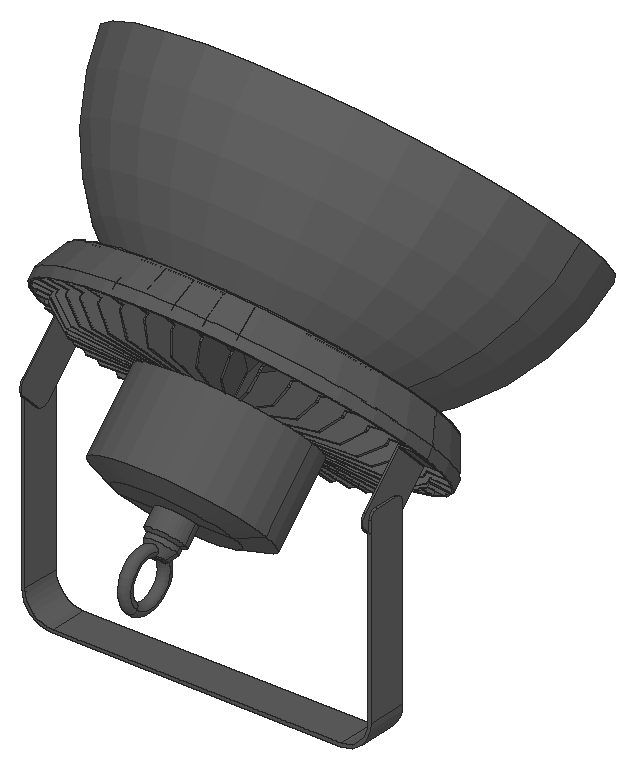
Revit family "0039352+0039355+0039360 Feilo Sylvania Lighting Fixture START HIGHBAY 6K 26KLM WIDE with BRACKET and ALU SHADE BLACK COLOR", category Lighting Fixtures, host Face, Revit 2017
Family settings
  Host = Face
  Round Connector Dimension = Use Diameter
  Part Type = Normal
  OmniClass Number = 23.80.70.00
  OmniClass Title = Lighting
  Cut with Voids When Loaded = No
  Light Source = No
  Shared = No
  Room Calculation Point = No
Parameters (values of type "0039352+0039355+0039360 START HIGHBAY 6K 26KLM WIDE with BRACKET and ALU SHADE BLACK COLOR")
  Weight = "3.7 kg"
  Wattage Comments = ""
  WarrantyStartDate [instance] = "n/a"
  WarrantyGuarantorParts = "n/a"
  WarrantyDurationUnit = "n/a"
  WarrantyDurationParts = "n/a"
  WarrantyDescription = "n/a"
  Voltage = 230 V
  URL = "http://www.sylvania-lighting.com"
  TypeName = "START HIGHBAY 6K 26KLM WIDE with BRACKET and ALU SHADE BLACK COLOR"
  TypeHead_FEILO = Start LED Highbay Head : 0039352+0039355+0039360 START HIGHBAY 6K 26KLM WIDE with BRACKET and ALU SHADE BLACK COLOR
  Type Image = <None>
  Type Comments = "n/a"
  TiltAngle_FEILO [instance] = 45.00°
  ThicknessBracketPlate_FEILO = 3 mm
  SizeBracketS_FEILO = no
  SizeBracketM_FEILO = no
  SerialNumber [instance] = "n/a"
  RadiusBracketTop_FEILO = 7 mm
  RadiusBendOut_FEILO = if(SizeBracketS_FEILO, 18 mm, if(SizeBracketM_FEILO, 24 mm, 28 mm))  # 28 mm
  RadiusBendIn_FEILO = RadiusBendOut_FEILO - ThicknessBracketPlate_FEILO  # 25 mm
  Material_3_FEILO = none
  PowerFactor = 0.95
  PowerConsumption = "200 W"
  NominalLength = 339 mm
  NominalHeight = 194 mm
  NominalDepth = 339 mm
  Name = "START HIGHBAY 6K 26KLM WIDE with BRACKET and ALU SHADE BLACK COLOR"
  ModelReference = Name  # "START HIGHBAY 6K 26KLM WIDE with BRACKET and ALU SHADE BLACK COLOR"
  ModelNumber = "0039352+0039355+0039360"
  Model = Name  # "START HIGHBAY 6K 26KLM WIDE with BRACKET and ALU SHADE BLACK COLOR"
  Material = "aluminium alloy housing, polycarbonate diffuser"
  ManufacturerName = "Feilo Sylvania"
  Manufacturer = "Feilo Sylvania"
  LuminousEfficacy = "130 lm/W"
  LuminaireType = ""
  LightOutputRatio = "n/a"
  LampsType = Lamp  # "LED"
  LampNominalLuminous = "26000 lm"
  LampMacAdamStep = "n/a"
  LampColourTemperature = "6500 K"
  LampColourRenderingIndex = "80"
  Lamp = "LED"
  Keynote = "16500"
  InstallationDate [instance] = "n/a"
  InputVoltage = "220-240V~"
  InputNominalFrequency = "50/60 Hz"
  IngressProtection = "IP65"
  ImpactProtectionIndex = "IK08"
  IfcExportType = "IfcLightFixtureType"
  IfcExportAs = "IfcLightFixtureType"
  ExpectedLife = 50000
  EndAngle_FEILO [instance] = TiltAngle_FEILO + 180.00°  # 225.00°
  ElectricShockClassification = "Class I"
  DurationUnit = "hours"
  DocumentationLiterature = "http://www.sylvania-lighting.com/product/en-int/products/0039352"
  DimmingControlOptions = "n/a"
  Material_2_FEILO = none
  Description = "START HIGHBAY, includes 1 m cables, black aluminium housing, 26000LM, 200W, 130lm/W, 6500K, Driver current: 5000mA, CR80, 60° beam angle, 1-10V dimmable,  IP65, IK08, 50,000 hrs (L70B50), (LxWxH) 339x339x194mm"
  Default Elevation = 1219.2 mm
  CreatedOn = "2/28/2018"
  CreatedBy = ""
  Cost = 0
  built-in parameter 1114216 [instance] = (empty or 0)
  ClassificationValue = "EF_70_80"
  ClassificationName = "Uniclass2015"
  Material_1_FEILO = Body-Sylvania-StartHighbay-Black
  BracketHeight_FEILO = if(SizeBracketS_FEILO, 199.5 mm, if(SizeBracketM_FEILO, 209.6 mm, 201.3 mm))  # 201.3 mm
  BracketDistanceInner_FEILO = if(SizeBracketS_FEILO, 249.4 mm, if(SizeBracketM_FEILO, 273.6 mm, 313.2 mm))  # 313.2 mm
  BarCode [instance] = "n/a"
  AssetType = "Fixed"
  AssetIdentifier [instance] = "n/a"
  Assembly Code = "D5020200"
  Apparent Load = 200 VA
  Material_4_FEILO = none
Reference planes
  plane 1 "Center (Front/Back)": y = 0
  plane 2: z = 0
  plane 3 "Center (Left/Right)": x = 0
  plane 4: x = -159.6
  plane 5: x = 159.6
  plane 6: z = 201.3
  plane 7: x = -156.6
  plane 8: z = 3
  plane 9: x = 156.6
  plane 10: y = 17.5
  plane 11: y = -17.5
  plane 12: y = -19.5
  plane 13: z = 203.3
  plane 14: y = 19.5
  plane 15: z = 192.3
Forms (mm)
  Extrusion 1, solid, material "Body-Sylvania-StartHighbay-Black" <- "Material_1_FEILO"
    sketch origin (0, 0, 0) x (1, 0, 0) y (0, 0, 1)
      loop
        line (-159.6, 201.3) -> (-159.6, 28)
        arc (-159.6, 28) -> (-151.399, 8.201) -> (-131.6, 0) r 28
        line (-131.6, 0) -> (131.6, 0)
        arc (131.6, 0) -> (151.399, 8.201) -> (159.6, 28) r 28
        line (159.6, 28) -> (159.6, 201.3) -> (156.6, 201.3) -> (156.6, 28)
        arc (156.6, 28) -> (149.278, 10.322) -> (131.6, 3) r 25
        line (131.6, 3) -> (-131.6, 3)
        arc (-131.6, 3) -> (-149.278, 10.322) -> (-156.6, 28) r 25
        line (-156.6, 28) -> (-156.6, 201.3) -> (-159.6, 201.3)
    from -17.5 to 17.5
  Extrusion 2, void
    sketch origin (0, 0, 0) x (0, 1, 0) y (0, 0, 1)
      loop
        arc (10.5, 201.3) -> (15.45, 199.25) -> (17.5, 194.3) r 7
        line (17.5, 194.3) -> (19.5, 194.3) -> (19.5, 203.3) -> (-19.5, 203.3) -> (-19.5, 194.3) -> (-17.5, 194.3)
        arc (-17.5, 194.3) -> (-15.45, 199.25) -> (-10.5, 201.3) r 7
        line (-10.5, 201.3) -> (10.5, 201.3)
    from -159.6 to 159.6
  Revolve 3, solid, not visible
    sketch origin (1223.4, -4572, 192.3) x (0, -1, 0) y (1, 0, 0)
      loop
        line (-4572, -1223.4) -> (-4591.5, -1223.4) -> (-4591.5, -1277.783) -> (-4572, -1277.783) -> (-4572, -1223.4)
      axis (-4572, -1223.4) -> (-4572, -1277.783)
    angle from 45 <- "TiltAngle_FEILO" to 225 <- "EndAngle_FEILO"
Cuts and joins
  Extrusion 2 cuts Extrusion 1
Dimensions and locks
  "BracketHeight_FEILO": plane 6 to plane 2
  equal spacing: plane 11, plane 1 "Center (Front/Back)", plane 10
  locked: plane 11 to plane 10 at 35
  equal spacing: plane 9, plane 3 "Center (Left/Right)", plane 7
  "BracketDistanceInner_FEILO": plane 9 to plane 7
  "ThicknessBracketPlate_FEILO": plane 7 to plane 4
  "ThicknessBracketPlate_FEILO": plane 8 to plane 2
  equal spacing: plane 5, plane 3 "Center (Left/Right)", plane 4
  equal spacing: plane 12, plane 1 "Center (Front/Back)", plane 14
  locked: plane 6 to plane 13 at 2
  locked: plane 12 to plane 11 at 2
  locked: plane 6 to plane 15 at 9
  "RadiusBendOut_FEILO": radius of Extrusion 1 sketch curve  (x2)
  "RadiusBendIn_FEILO": radius of Extrusion 1 sketch curve  (x2)
  "RadiusBracketTop_FEILO": radius of Extrusion 2 sketch curve  (x2)
  aligned and locked: plane 2 to host face
  aligned and locked: level to host face
  aligned and locked: Extrusion 1 sketch curve to plane 4
  aligned and locked: Extrusion 1 sketch curve to level
  aligned and locked: plane 6 to Extrusion 1 sketch curve
  aligned and locked: Extrusion 1 sketch curve to plane 6
  aligned and locked: Extrusion 1 sketch curve to plane 7
  aligned and locked: plane 9 to Extrusion 1 sketch curve
  aligned and locked: plane 8 to Extrusion 1 sketch curve
  aligned and locked: Extrusion 1 to plane 10
  aligned and locked: plane 11 to Extrusion 1
  aligned and locked: Extrusion 1 to Extrusion 2 sketch curve
  aligned and locked: plane 14 to Extrusion 2 sketch curve  (x2)
  aligned and locked: Extrusion 2 sketch curve to plane 12
  aligned and locked: plane 13 to Extrusion 2 sketch curve
  aligned and locked: plane 5 to Extrusion 2
  aligned and locked: Extrusion 2 to plane 4
  aligned and locked: Revolve 3 sketch curve to plane 1 "Center (Front/Back)"
  aligned and locked: Revolve 3 sketch curve to Revolve 3 sketch curve
  aligned and locked: plane 3 "Center (Left/Right)" to Revolve 3 sketch curve
  aligned and locked: Revolve 3 sketch curve to plane 14
  aligned and locked: nested 1 to plane 3 "Center (Left/Right)"
Automatic sketch dimensions
  host sketch curve to host sketch curve = 2438.4 mm  (x2)
  Revolve 3 sketch curve to Revolve 3 sketch curve = 54.383 mm
  Revolve 3 sketch curve to plane 4 = 1396.3 mm
  plane 5 to Revolve 3 sketch curve = 1396.3 mm
  Extrusion 1 sketch curve to Extrusion 1 sketch curve = 0 mm
  Extrusion 2 sketch curve to plane 11 = 0 mm
  Extrusion 2 sketch curve to plane 10 = 0 mm
Nested families
  nested 1: "Start LED Highbay Head" at (0, 0, 192.3) x (-1, 0, 0) z (0, 0.7071, 0.7071), type <- "TypeHead_FEILO", type "0039352+0039355+0039360 START HIGHBAY 6K 26KLM WIDE with BRACKET and ALU SHADE BLACK COLOR"
    with built-in parameter 1114216 (empty or 0)
Connectors
  electrical at (0, 0, 0), driven by "Apparent Load", driven by "PowerFactor", driven by "Voltage"
    settings: index 1, voltage 230 V, apparent load 200 VA, apparent load phase1 0 VA, apparent load phase2 0 VA, apparent load phase3 0 VA, power factor 0.95, load classification "Lighting", number of poles 1, system type 30, power factor state 1, is connector primary yes, connector utility no, sub classification motor no, connector description ""
Definition of nested family "Start LED Highbay Head"
  Parameters (values of type "0039351+0039354+0039358 START HIGHBAY 6K 19KLM WIDE with BRACKET and PC LAMPSHADE TRANSPARENT ")
    X_FEILO = if(SizeS_FEILO, 60.3 mm, if(SizeM_FEILO, 70.4 mm, 83.5 mm))  # 70.4 mm
    WidthStraight_FEILO = if(SizeS_FEILO, 3 mm, if(SizeM_FEILO, 4 mm, 4.7 mm))  # 4 mm
    WidthRingChamfer_FEILO = if(SizeS_FEILO, 10.3 mm, if(SizeM_FEILO, 11.2 mm, 12.9 mm))  # 11.2 mm
    WidthCurved_FEILO = if(SizeS_FEILO, 17.4 mm, if(SizeM_FEILO, 16.4 mm, 26.2 mm))  # 16.4 mm
    WidthCurvedRing_FEILO = if(SizeS_FEILO, 3 mm, if(SizeM_FEILO, 4 mm, 4.7 mm))  # 4 mm
    WidthBracket_FEILO = 40 mm
    Wattage Comments = ""
    Wattage = 150 W
    built-in parameter 1150110 = 1 (stored number, unit not read)
    URL = "http://www.feilosylvania.com"
    Type Image = (empty or 0)
    Type Comments = "n/a"
    built-in parameter 1114217 = 1 (stored number, unit not read)
    Tilt Angle = -90.00°
    ThicknessWall_FEILO = 1.5 mm
    ThicknessBracket_FEILO = 1.5 mm
    ThicknessBracketHalf_FEILO = ThicknessBracket_FEILO / 2  # 0.75 mm
    built-in parameter 1150109 = 1 (stored number, unit not read)
    built-in parameter 1150134 = 1
    built-in parameter 1150113 = 1 (stored number, unit not read)
    SizeS_FEILO = no
    SizeM_FEILO = yes
    ShadeThickness_FEILO = 3 mm
    ShadeSizeSM_FEILO = or(SizeS_FEILO, SizeM_FEILO)  # yes
    ShadeRadiusOut_FEILO = 205 mm
    ShadeRadiusIn_FEILO = if(ShadeSizeSM_FEILO, 95 mm, 121 mm)  # 95 mm
    ShadeRadiusBend_FEILO = if(ShadeSizeSM_FEILO, 210 mm, 210 mm)  # 210 mm
    ShadeOn_FEILO = yes
    ShadeHeight_FEILO = if(ShadeSizeSM_FEILO, 120 mm, 151 mm)  # 120 mm
    Rib4_FEILO = if(SizeS_FEILO, 18.1 mm, if(SizeM_FEILO, 13.6 mm, 14.6 mm))  # 13.6 mm
    Rib3_FEILO = if(SizeS_FEILO, 15.3 mm, if(SizeM_FEILO, 17.6 mm, 20.2 mm))  # 17.6 mm
    Rib2_FEILO = if(SizeS_FEILO, 3.6 mm, if(SizeM_FEILO, 3.9 mm, 4.5 mm))  # 3.9 mm
    Rib1_FEILO = if(SizeS_FEILO, 15.1 mm, if(SizeM_FEILO, 16.5 mm, 19 mm))  # 16.5 mm
    RadiusDiffuser_FEILO = if(SizeS_FEILO, 95.2 mm, if(SizeM_FEILO, 105.3 mm, 120 mm))  # 105.3 mm
    RadiusArrayPost_FEILO = DriverRadius_FEILO - 6 mm  # 61.2 mm
    RHRadius3_FEILO = if(SizeS_FEILO, 6.6 mm, if(SizeM_FEILO, 7.4 mm, 8.6 mm))  # 7.4 mm
    RHRadius2_FEILO = if(SizeS_FEILO, 11 mm, if(SizeM_FEILO, 12 mm, 14 mm))  # 12 mm
    RHRadius1_FEILO = if(SizeS_FEILO, 13.6 mm, if(SizeM_FEILO, 14.9 mm, 17.7 mm))  # 14.9 mm
    RHHeight4_FEILO = if(SizeS_FEILO, 7.3 mm, if(SizeM_FEILO, 8 mm, 9.2 mm))  # 8 mm
    RHHeight3_FEILO = if(SizeS_FEILO, 3.6 mm, if(SizeM_FEILO, 3.7 mm, 4.6 mm))  # 3.7 mm
    RHHeight2_FEILO = if(SizeS_FEILO, 2 mm, if(SizeM_FEILO, 2.2 mm, 2.6 mm))  # 2.2 mm
    RHHeight1_FEILO = if(SizeS_FEILO, 11.8 mm, if(SizeM_FEILO, 15.3 mm, 17.4 mm))  # 15.3 mm
    Photometric Web File = "0039351+0039358.ies"
    Material_5_FEILO = none
    Material_3_FEILO = none
    Model = "START HIGHBAY 6K 19KLM WIDE with BRACKET and PC LAMPSHADE TRANSPARENT"
    Manufacturer = "Feilo Sylvania"
    built-in parameter 1150105 = 10854.2 (stored number, unit not read)
    Lumens = 19500 lm
    built-in parameter 1150115 = 1 (stored number, unit not read)
    built-in parameter 1150137 = (empty or 0)
    built-in parameter 1150139 = (empty or 0)
    built-in parameter 1150112 = 1 (stored number, unit not read)
    built-in parameter 1150114 = 1 (stored number, unit not read)
    Lamp = "LED"
    Keynote = "16500"
    built-in parameter 1150132 = (empty or 0)
    built-in parameter 1150102 = (empty or 0)
    built-in parameter 1150107 = 6500 (stored number, unit not read)
    built-in parameter 1150138 = (empty or 0)
    built-in parameter 1150106 = 108.54 (stored number, unit not read)
    HeightRing_FEILO = if(SizeS_FEILO, 19.8 mm, if(SizeM_FEILO, 32 mm, 36.8 mm))  # 32 mm
    HeightRingChamfer_FEILO = if(SizeS_FEILO, 11.7 mm, if(SizeM_FEILO, 23.2 mm, 26.6 mm))  # 23.2 mm
    EyeThickness_FEILO = if(SizeS_FEILO, 8.4 mm, if(SizeM_FEILO, 9.2 mm, 10.5 mm))  # 9.2 mm
    EyeThicknessHalf_FEILO = EyeThickness_FEILO / 2  # 4.6 mm
    EyeInner_FEILO = if(SizeS_FEILO, 13.8 mm, if(SizeM_FEILO, 15.1 mm, 17.3 mm))  # 15.1 mm
    Emit from Circle Diameter = RadiusDiffuser_FEILO * 2  # 210.6 mm
    Emit Shape Visible in Rendering = no
    built-in parameter 1150104 = 12.077 (stored number, unit not read)
    DriverVerticalStraight_FEILO = if(SizeS_FEILO, 46.5 mm, if(SizeM_FEILO, 49.7 mm, 57 mm))  # 49.7 mm
    DriverVerticalChamfer_FEILO = if(SizeS_FEILO, 7.5 mm, if(SizeM_FEILO, 8.2 mm, 9.5 mm))  # 8.2 mm
    DriverRadius_FEILO = if(SizeS_FEILO, 61.4 mm, if(SizeM_FEILO, 67.2 mm, 76.4 mm))  # 67.2 mm
    DriverRadiusTop_FEILO = if(SizeS_FEILO, 42 mm, if(SizeM_FEILO, 45.3 mm, 52.4 mm))  # 45.3 mm
    DriverBottom_FEILO = if(SizeS_FEILO, 56 mm, if(SizeM_FEILO, 64.5 mm, 74 mm))  # 64.5 mm
    Material_2_FEILO = none
    Radius_FEILO = if(SizeS_FEILO, 135 mm, if(SizeM_FEILO, 148 mm, 169.5 mm))  # 148 mm
    Dimming Lamp Color Temperature Shift = (empty or 0)
    DiameterWire_FEILO = 3 mm
    DiameterWireSupport_FEILO = 10 mm
    Description = "START HIGHBAY, includes 1 m cables, black aluminium housing, 19500LM, 150W, 130lm/W, 6500K, Driver current: 2140mA, CR80, 60° beam angle, 1-10V dimmable,  IP65, IK08, 50,000 hrs (L70B50), (LxWxH) 296x296x177mm"
    Default Elevation = 1219.2 mm
    Cost = 0
    Color Filter = 16777215
    built-in parameter 1114216 [instance] = (empty or 0)
    Material_1_FEILO = none
    built-in parameter 1114218 = 1 (stored number, unit not read)
    built-in parameter 1150133 = 10 (stored number, unit not read)
    Assembly Code = "D5020200"
    Apparent Load = 150 VA
    Material_4_FEILO = none
  Types (36, lengths in mm): name | X_FEILO | WidthStraight_FEILO | WidthRingChamfer_FEILO | WidthCurved_FEILO | WidthCurvedRing_FEILO | Wattage | built-in parameter 1150134 | SizeS_FEILO | SizeM_FEILO | ShadeSizeSM_FEILO | ShadeRadiusIn_FEILO | ShadeOn_FEILO | ShadeHeight_FEILO | Rib4_FEILO | Rib3_FEILO | Rib2_FEILO | Rib1_FEILO | RadiusDiffuser_FEILO | RadiusArrayPost_FEILO | RHRadius3_FEILO | RHRadius2_FEILO | RHRadius1_FEILO | RHHeight4_FEILO | RHHeight3_FEILO | RHHeight2_FEILO | RHHeight1_FEILO | Photometric Web File | Model | built-in parameter 1150105 | Lumens | built-in parameter 1150107 | built-in parameter 1150106 | HeightRing_FEILO | HeightRingChamfer_FEILO | EyeThickness_FEILO | EyeThicknessHalf_FEILO | EyeInner_FEILO | Emit from Circle Diameter | DriverVerticalStraight_FEILO | DriverVerticalChamfer_FEILO | DriverRadius_FEILO | DriverRadiusTop_FEILO | DriverBottom_FEILO | Radius_FEILO | Description | Apparent Load
    0039352+0039355+0039361 START HIGHBAY 6K 26KLM WIDE with BRACKET and PC LAMPSHADE TRANSPARENT | 83.5 | 4.7 | 12.9 | 26.2 | 4.7 | 200 W | 1 | no | no | no | 121 | yes | 151 | 14.6 | 20.2 | 4.5 | 19 | 120 | 70.4 | 8.6 | 14 | 17.7 | 9.2 | 4.6 | 2.6 | 17.4 | "0039352+0039361.ies" | "START HIGHBAY 6K 26KLM WIDE with BRACKET and PC LAMPSHADE TRANSPARENT" | 17911 (stored number, unit not read) | 26000 lm | 6500 (stored number, unit not read) | 179.11 (stored number, unit not read) | 36.8 | 26.6 | 10.5 | 5.25 | 17.3 | 240 | 57 | 9.5 | 76.4 | 52.4 | 74 | 169.5 | "START HIGHBAY, includes 1 m cables, black aluminium housing, 26000LM, 200W, 130lm/W, 6500K, Driver current: 5000mA, CR80, 60° beam angle, 1-10V dimmable,  IP65, IK08, 50,000 hrs (L70B50), (LxWxH) 339x339x194mm" | 200 VA
    0039352+0039355+0039360 START HIGHBAY 6K 26KLM WIDE with BRACKET and ALU SHADE BLACK COLOR | 83.5 | 4.7 | 12.9 | 26.2 | 4.7 | 200 W | 1 | no | no | no | 121 | yes | 151 | 14.6 | 20.2 | 4.5 | 19 | 120 | 70.4 | 8.6 | 14 | 17.7 | 9.2 | 4.6 | 2.6 | 17.4 | "0039352+0039360.ies" | "START HIGHBAY 6K 26KLM WIDE with BRACKET and ALU SHADE BLACK COLOR" | 14870 (stored number, unit not read) | 26000 lm | 6500 (stored number, unit not read) | 148.7 (stored number, unit not read) | 36.8 | 26.6 | 10.5 | 5.25 | 17.3 | 240 | 57 | 9.5 | 76.4 | 52.4 | 74 | 169.5 | "START HIGHBAY, includes 1 m cables, black aluminium housing, 26000LM, 200W, 130lm/W, 6500K, Driver current: 5000mA, CR80, 60° beam angle, 1-10V dimmable,  IP65, IK08, 50,000 hrs (L70B50), (LxWxH) 339x339x194mm" | 200 VA
    0039352+0039355+0039359 START HIGHBAY 6K 26KLM WIDE with BRACKET and ALU SHADE ALU COLOR | 83.5 | 4.7 | 12.9 | 26.2 | 4.7 | 200 W | 1 | no | no | no | 121 | yes | 151 | 14.6 | 20.2 | 4.5 | 19 | 120 | 70.4 | 8.6 | 14 | 17.7 | 9.2 | 4.6 | 2.6 | 17.4 | "0039352+0039359.ies" | "START HIGHBAY 6K 26KLM WIDE with BRACKET and ALU SHADE ALU COLOR" | 14870 (stored number, unit not read) | 26000 lm | 6500 (stored number, unit not read) | 148.7 (stored number, unit not read) | 36.8 | 26.6 | 10.5 | 5.25 | 17.3 | 240 | 57 | 9.5 | 76.4 | 52.4 | 74 | 169.5 | "START HIGHBAY, includes 1 m cables, black aluminium housing, 26000LM, 200W, 130lm/W, 6500K, Driver current: 5000mA, CR80, 60° beam angle, 1-10V dimmable,  IP65, IK08, 50,000 hrs (L70B50), (LxWxH) 339x339x194mm" | 200 VA
    0039352+0039355 START HIGHBAY 6K 26KLM WIDE with BRACKET | 83.5 | 4.7 | 12.9 | 26.2 | 4.7 | 200 W | 1 | no | no | no | 121 | no | 151 | 14.6 | 20.2 | 4.5 | 19 | 120 | 70.4 | 8.6 | 14 | 17.7 | 9.2 | 4.6 | 2.6 | 17.4 | "0039352.ies" | "START HIGHBAY 6K 26KLM WIDE with BRACKET" | 13836.2 (stored number, unit not read) | 26000 lm | 6500 (stored number, unit not read) | 138.36 (stored number, unit not read) | 36.8 | 26.6 | 10.5 | 5.25 | 17.3 | 240 | 57 | 9.5 | 76.4 | 52.4 | 74 | 169.5 | "START HIGHBAY, includes 1 m cables, black aluminium housing, 26000LM, 200W, 130lm/W, 6500K, Driver current: 5000mA, CR80, 60° beam angle, 1-10V dimmable,  IP65, IK08, 50,000 hrs (L70B50), (LxWxH) 339x339x194mm" | 200 VA
    0039351+0039354+0039358 START HIGHBAY 6K 19KLM WIDE with BRACKET and PC LAMPSHADE TRANSPARENT | 70.4 | 4 | 11.2 | 16.4 | 4 | 150 W | 1 | no | yes | yes | 95 | yes | 120 | 13.6 | 17.6 | 3.9 | 16.5 | 105.3 | 61.2 | 7.4 | 12 | 14.9 | 8 | 3.7 | 2.2 | 15.3 | "0039351+0039358.ies" | "START HIGHBAY 6K 19KLM WIDE with BRACKET and PC LAMPSHADE TRANSPARENT" | 10854.2 (stored number, unit not read) | 19500 lm | 6500 (stored number, unit not read) | 108.54 (stored number, unit not read) | 32 | 23.2 | 9.2 | 4.6 | 15.1 | 210.6 | 49.7 | 8.2 | 67.2 | 45.3 | 64.5 | 148 | "START HIGHBAY, includes 1 m cables, black aluminium housing, 19500LM, 150W, 130lm/W, 6500K, Driver current: 2140mA, CR80, 60° beam angle, 1-10V dimmable,  IP65, IK08, 50,000 hrs (L70B50), (LxWxH) 296x296x177mm" | 150 VA
    0039351+0039354+0039357 START HIGHBAY 6K 19KLM WIDE with BRACKET and ALU SHADE BLACK COLOR | 70.4 | 4 | 11.2 | 16.4 | 4 | 150 W | 1 | no | yes | yes | 95 | yes | 120 | 13.6 | 17.6 | 3.9 | 16.5 | 105.3 | 61.2 | 7.4 | 12 | 14.9 | 8 | 3.7 | 2.2 | 15.3 | "0039351+0039357.ies" | "START HIGHBAY 6K 19KLM WIDE with BRACKET and ALU SHADE BLACK COLOR" | 11152.5 (stored number, unit not read) | 19500 lm | 6500 (stored number, unit not read) | 111.52 (stored number, unit not read) | 32 | 23.2 | 9.2 | 4.6 | 15.1 | 210.6 | 49.7 | 8.2 | 67.2 | 45.3 | 64.5 | 148 | "START HIGHBAY, includes 1 m cables, black aluminium housing, 19500LM, 150W, 130lm/W, 6500K, Driver current: 2140mA, CR80, 60° beam angle, 1-10V dimmable,  IP65, IK08, 50,000 hrs (L70B50), (LxWxH) 296x296x177mm" | 150 VA
    0039351+0039354+0039356 START HIGHBAY 6K 19KLM WIDE with BRACKET and ALU SHADE ALU COLOR | 70.4 | 4 | 11.2 | 16.4 | 4 | 150 W | 1 | no | yes | yes | 95 | yes | 120 | 13.6 | 17.6 | 3.9 | 16.5 | 105.3 | 61.2 | 7.4 | 12 | 14.9 | 8 | 3.7 | 2.2 | 15.3 | "0039351+0039356.ies" | "START HIGHBAY 6K 19KLM WIDE with BRACKET and ALU SHADE ALU COLOR" | 11152.5 (stored number, unit not read) | 19500 lm | 6500 (stored number, unit not read) | 111.52 (stored number, unit not read) | 32 | 23.2 | 9.2 | 4.6 | 15.1 | 210.6 | 49.7 | 8.2 | 67.2 | 45.3 | 64.5 | 148 | "START HIGHBAY, includes 1 m cables, black aluminium housing, 19500LM, 150W, 130lm/W, 6500K, Driver current: 2140mA, CR80, 60° beam angle, 1-10V dimmable,  IP65, IK08, 50,000 hrs (L70B50), (LxWxH) 296x296x177mm" | 150 VA
    0039351+0039354 START HIGHBAY 6K 19KLM WIDE with BRACKET | 70.4 | 4 | 11.2 | 16.4 | 4 | 150 W | 1 | no | yes | yes | 95 | no | 120 | 13.6 | 17.6 | 3.9 | 16.5 | 105.3 | 61.2 | 7.4 | 12 | 14.9 | 8 | 3.7 | 2.2 | 15.3 | "0039351.ies" | "START HIGHBAY 6K 19KLM WIDE with BRACKET" | 10377.1 (stored number, unit not read) | 19500 lm | 6500 (stored number, unit not read) | 103.77 (stored number, unit not read) | 32 | 23.2 | 9.2 | 4.6 | 15.1 | 210.6 | 49.7 | 8.2 | 67.2 | 45.3 | 64.5 | 148 | "START HIGHBAY, includes 1 m cables, black aluminium housing, 19500LM, 150W, 130lm/W, 6500K, Driver current: 2140mA, CR80, 60° beam angle, 1-10V dimmable,  IP65, IK08, 50,000 hrs (L70B50), (LxWxH) 296x296x177mm" | 150 VA
    0039350+0039353+0039358 START HIGHBAY 6K 13KLM WIDE with BRACKET and PC LAMPSHADE TRANSPARENT | 60.3 | 3 | 10.3 | 17.4 | 3 | 100 W | 1 | yes | no | yes | 95 | yes | 120 | 18.1 | 15.3 | 3.6 | 15.1 | 95.2 | 55.4 | 6.6 | 11 | 13.6 | 7.3 | 3.6 | 2 | 11.8 | "0039350+0039358.ies" | "START HIGHBAY 6K 13KLM WIDE with BRACKET and PC LAMPSHADE TRANSPARENT" | 7236.1 (stored number, unit not read) | 13000 lm | 6500 (stored number, unit not read) | 72.361 (stored number, unit not read) | 19.8 | 11.7 | 8.4 | 4.2 | 13.8 | 190.4 | 46.5 | 7.5 | 61.4 | 42 | 56 | 135 | "START HIGHBAY, includes 1 m cables, black aluminium housing, 13000LM, 100W, 130lm/W, 6500K, Driver current: 2140mA, CR80, 60° beam angle, 1-10V dimmable,  IP65, IK08, 50,000 hrs (L70B50), (LxWxH) 270x270x170mm" | 100 VA
    0039350+0039353+0039357 START HIGHBAY 6K 13KLM WIDE with BRACKET and ALU SHADE BLACK COLOR | 60.3 | 3 | 10.3 | 17.4 | 3 | 100 W | 1 | yes | no | yes | 95 | yes | 120 | 18.1 | 15.3 | 3.6 | 15.1 | 95.2 | 55.4 | 6.6 | 11 | 13.6 | 7.3 | 3.6 | 2 | 11.8 | "0039350+0039357.ies" | "START HIGHBAY 6K 13KLM WIDE with BRACKET and ALU SHADE BLACK COLOR" | 7435 (stored number, unit not read) | 13000 lm | 6500 (stored number, unit not read) | 74.35 (stored number, unit not read) | 19.8 | 11.7 | 8.4 | 4.2 | 13.8 | 190.4 | 46.5 | 7.5 | 61.4 | 42 | 56 | 135 | "START HIGHBAY, includes 1 m cables, black aluminium housing, 13000LM, 100W, 130lm/W, 6500K, Driver current: 2140mA, CR80, 60° beam angle, 1-10V dimmable,  IP65, IK08, 50,000 hrs (L70B50), (LxWxH) 270x270x170mm" | 100 VA
    0039350+0039353+0039356 START HIGHBAY 6K 13KLM WIDE with BRACKET and ALU SHADE ALU COLOR | 60.3 | 3 | 10.3 | 17.4 | 3 | 100 W | 1 | yes | no | yes | 95 | yes | 120 | 18.1 | 15.3 | 3.6 | 15.1 | 95.2 | 55.4 | 6.6 | 11 | 13.6 | 7.3 | 3.6 | 2 | 11.8 | "0039350+0039356.ies" | "START HIGHBAY 6K 13KLM WIDE with BRACKET and ALU SHADE ALU COLOR" | 7435 (stored number, unit not read) | 13000 lm | 6500 (stored number, unit not read) | 74.35 (stored number, unit not read) | 19.8 | 11.7 | 8.4 | 4.2 | 13.8 | 190.4 | 46.5 | 7.5 | 61.4 | 42 | 56 | 135 | "START HIGHBAY, includes 1 m cables, black aluminium housing, 13000LM, 100W, 130lm/W, 6500K, Driver current: 2140mA, CR80, 60° beam angle, 1-10V dimmable,  IP65, IK08, 50,000 hrs (L70B50), (LxWxH) 270x270x170mm" | 100 VA
    0039350+0039353 START HIGHBAY 6K 13KLM WIDE with BRACKET | 60.3 | 3 | 10.3 | 17.4 | 3 | 100 W | 1 | yes | no | yes | 95 | no | 120 | 18.1 | 15.3 | 3.6 | 15.1 | 95.2 | 55.4 | 6.6 | 11 | 13.6 | 7.3 | 3.6 | 2 | 11.8 | "0039350.ies" | "START HIGHBAY 6K 13KLM WIDE with BRACKET" | 6918.1 (stored number, unit not read) | 13000 lm | 6500 (stored number, unit not read) | 69.181 (stored number, unit not read) | 19.8 | 11.7 | 8.4 | 4.2 | 13.8 | 190.4 | 46.5 | 7.5 | 61.4 | 42 | 56 | 135 | "START HIGHBAY, includes 1 m cables, black aluminium housing, 13000LM, 100W, 130lm/W, 6500K, Driver current: 2140mA, CR80, 60° beam angle, 1-10V dimmable,  IP65, IK08, 50,000 hrs (L70B50), (LxWxH) 270x270x170mm" | 100 VA
    0039349+0039355+0039361 START HIGHBAY 4K 26KLM WIDE with BRACKET and PC LAMPSHADE TRANSPARENT FOR | 83.5 | 4.7 | 12.9 | 26.2 | 4.7 | 200 W | 12 | no | no | no | 121 | yes | 151 | 14.6 | 20.2 | 4.5 | 19 | 120 | 70.4 | 8.6 | 14 | 17.7 | 9.2 | 4.6 | 2.6 | 17.4 | "0039349+0039361.ies" | "START HIGHBAY 4K 26KLM WIDE with BRACKET and PC LAMPSHADE TRANSPARENT FOR" | 17911 (stored number, unit not read) | 26000 lm | 4000 (stored number, unit not read) | 179.11 (stored number, unit not read) | 36.8 | 26.6 | 10.5 | 5.25 | 17.3 | 240 | 57 | 9.5 | 76.4 | 52.4 | 74 | 169.5 | "START HIGHBAY, includes 1 m cables, black aluminium housing, 26000LM, 200W, 130lm/W, 4000K, Driver current: 5000mA, CR80, 90° beam angle, 1-10V dimmable,  IP65, IK08, 50,000 hrs (L70B50), (LxWxH) 339x339x194mm" | 200 VA
    0039349+0039355+0039360 START HIGHBAY 4K 26KLM WIDE with BRACKET and ALU SHADE BLACK COLOR | 83.5 | 4.7 | 12.9 | 26.2 | 4.7 | 200 W | 12 | no | no | no | 121 | yes | 151 | 14.6 | 20.2 | 4.5 | 19 | 120 | 70.4 | 8.6 | 14 | 17.7 | 9.2 | 4.6 | 2.6 | 17.4 | "0039349+0039360.ies" | "START HIGHBAY 4K 26KLM WIDE with BRACKET and ALU SHADE BLACK COLOR" | 14870 (stored number, unit not read) | 26000 lm | 4000 (stored number, unit not read) | 148.7 (stored number, unit not read) | 36.8 | 26.6 | 10.5 | 5.25 | 17.3 | 240 | 57 | 9.5 | 76.4 | 52.4 | 74 | 169.5 | "START HIGHBAY, includes 1 m cables, black aluminium housing, 26000LM, 200W, 130lm/W, 4000K, Driver current: 5000mA, CR80, 90° beam angle, 1-10V dimmable,  IP65, IK08, 50,000 hrs (L70B50), (LxWxH) 339x339x194mm" | 200 VA
    0039349+0039355+0039359 START HIGHBAY 4K 26KLM WIDE with BRACKET and ALU SHADE ALU COLOR | 83.5 | 4.7 | 12.9 | 26.2 | 4.7 | 200 W | 12 | no | no | no | 121 | yes | 151 | 14.6 | 20.2 | 4.5 | 19 | 120 | 70.4 | 8.6 | 14 | 17.7 | 9.2 | 4.6 | 2.6 | 17.4 | "0039349+0039359.ies" | "START HIGHBAY 4K 26KLM WIDE with BRACKET and ALU SHADE ALU COLOR" | 14870 (stored number, unit not read) | 26000 lm | 4000 (stored number, unit not read) | 148.7 (stored number, unit not read) | 36.8 | 26.6 | 10.5 | 5.25 | 17.3 | 240 | 57 | 9.5 | 76.4 | 52.4 | 74 | 169.5 | "START HIGHBAY, includes 1 m cables, black aluminium housing, 26000LM, 200W, 130lm/W, 4000K, Driver current: 5000mA, CR80, 90° beam angle, 1-10V dimmable,  IP65, IK08, 50,000 hrs (L70B50), (LxWxH) 339x339x194mm" | 200 VA
    0039349+0039355 START HIGHBAY 4K 26KLM WIDE with BRACKET | 83.5 | 4.7 | 12.9 | 26.2 | 4.7 | 200 W | 12 | no | no | no | 121 | no | 151 | 14.6 | 20.2 | 4.5 | 19 | 120 | 70.4 | 8.6 | 14 | 17.7 | 9.2 | 4.6 | 2.6 | 17.4 | "0039349.ies" | "START HIGHBAY 4K 26KLM WIDE with BRACKET" | 13836.2 (stored number, unit not read) | 26000 lm | 4000 (stored number, unit not read) | 138.36 (stored number, unit not read) | 36.8 | 26.6 | 10.5 | 5.25 | 17.3 | 240 | 57 | 9.5 | 76.4 | 52.4 | 74 | 169.5 | "START HIGHBAY, includes 1 m cables, black aluminium housing, 26000LM, 200W, 130lm/W, 4000K, Driver current: 5000mA, CR80, 90° beam angle, 1-10V dimmable,  IP65, IK08, 50,000 hrs (L70B50), (LxWxH) 339x339x194mm" | 200 VA
    0039348+0039354+0039358 START HIGHBAY 4K 19KLM WIDE with BRACKET and PC LAMPSHADE TRANSPARENT | 70.4 | 4 | 11.2 | 16.4 | 4 | 150 W | 12 | no | yes | yes | 95 | yes | 120 | 13.6 | 17.6 | 3.9 | 16.5 | 105.3 | 61.2 | 7.4 | 12 | 14.9 | 8 | 3.7 | 2.2 | 15.3 | "0039348+0039358.ies" | "START HIGHBAY 4K 19KLM WIDE with BRACKET and PC LAMPSHADE TRANSPARENT" | 10854.2 (stored number, unit not read) | 19500 lm | 4000 (stored number, unit not read) | 108.54 (stored number, unit not read) | 32 | 23.2 | 9.2 | 4.6 | 15.1 | 210.6 | 49.7 | 8.2 | 67.2 | 45.3 | 64.5 | 148 | "START HIGHBAY, includes 1 m cables, black aluminium housing, 19500LM, 150W, 130lm/W, 4000K, Driver current: 3210mA, CR80, 90° beam angle, 1-10V dimmable,  IP65, IK08, 50,000 hrs (L70B50), (LxWxH) 296x296x177mm" | 150 VA
    0039348+0039354+0039357 START HIGHBAY 4K 19KLM WIDE with BRACKET and ALU SHADE BLACK COLOR | 70.4 | 4 | 11.2 | 16.4 | 4 | 150 W | 12 | no | yes | yes | 95 | yes | 120 | 13.6 | 17.6 | 3.9 | 16.5 | 105.3 | 61.2 | 7.4 | 12 | 14.9 | 8 | 3.7 | 2.2 | 15.3 | "0039348+0039357.ies" | "START HIGHBAY 4K 19KLM WIDE with BRACKET and ALU SHADE BLACK COLOR" | 11152.5 (stored number, unit not read) | 19500 lm | 4000 (stored number, unit not read) | 111.52 (stored number, unit not read) | 32 | 23.2 | 9.2 | 4.6 | 15.1 | 210.6 | 49.7 | 8.2 | 67.2 | 45.3 | 64.5 | 148 | "START HIGHBAY, includes 1 m cables, black aluminium housing, 19500LM, 150W, 130lm/W, 4000K, Driver current: 3210mA, CR80, 90° beam angle, 1-10V dimmable,  IP65, IK08, 50,000 hrs (L70B50), (LxWxH) 296x296x177mm" | 150 VA
    0039348+0039354+0039356 START HIGHBAY 4K 19KLM WIDE with BRACKET and ALU SHADE ALU COLOR | 70.4 | 4 | 11.2 | 16.4 | 4 | 150 W | 12 | no | yes | yes | 95 | yes | 120 | 13.6 | 17.6 | 3.9 | 16.5 | 105.3 | 61.2 | 7.4 | 12 | 14.9 | 8 | 3.7 | 2.2 | 15.3 | "0039348+0039356.ies" | "START HIGHBAY 4K 19KLM WIDE with BRACKET and ALU SHADE ALU COLOR" | 11152.5 (stored number, unit not read) | 19500 lm | 4000 (stored number, unit not read) | 111.52 (stored number, unit not read) | 32 | 23.2 | 9.2 | 4.6 | 15.1 | 210.6 | 49.7 | 8.2 | 67.2 | 45.3 | 64.5 | 148 | "START HIGHBAY, includes 1 m cables, black aluminium housing, 19500LM, 150W, 130lm/W, 4000K, Driver current: 3210mA, CR80, 90° beam angle, 1-10V dimmable,  IP65, IK08, 50,000 hrs (L70B50), (LxWxH) 296x296x177mm" | 150 VA
    0039348+0039354 START HIGHBAY 4K 19KLM WIDE with BRACKET | 70.4 | 4 | 11.2 | 16.4 | 4 | 150 W | 12 | no | yes | yes | 95 | no | 120 | 13.6 | 17.6 | 3.9 | 16.5 | 105.3 | 61.2 | 7.4 | 12 | 14.9 | 8 | 3.7 | 2.2 | 15.3 | "0039348.ies" | "START HIGHBAY 4K 19KLM WIDE with BRACKET" | 10377.1 (stored number, unit not read) | 19500 lm | 4000 (stored number, unit not read) | 103.77 (stored number, unit not read) | 32 | 23.2 | 9.2 | 4.6 | 15.1 | 210.6 | 49.7 | 8.2 | 67.2 | 45.3 | 64.5 | 148 | "START HIGHBAY, includes 1 m cables, black aluminium housing, 19500LM, 150W, 130lm/W, 4000K, Driver current: 3210mA, CR80, 90° beam angle, 1-10V dimmable,  IP65, IK08, 50,000 hrs (L70B50), (LxWxH) 296x296x177mm" | 150 VA
    0039347+0039353+0039358 START HIGHBAY 4K 13KLM WIDE with BRACKET and PC LAMPSHADE TRANSPARENT | 60.3 | 3 | 10.3 | 17.4 | 3 | 100 W | 12 | yes | no | yes | 95 | yes | 120 | 18.1 | 15.3 | 3.6 | 15.1 | 95.2 | 55.4 | 6.6 | 11 | 13.6 | 7.3 | 3.6 | 2 | 11.8 | "0039347+0039358.ies" | "START HIGHBAY 4K 13KLM WIDE with BRACKET and PC LAMPSHADE TRANSPARENT" | 7236.1 (stored number, unit not read) | 13000 lm | 4000 (stored number, unit not read) | 72.361 (stored number, unit not read) | 19.8 | 11.7 | 8.4 | 4.2 | 13.8 | 190.4 | 46.5 | 7.5 | 61.4 | 42 | 56 | 135 | "START HIGHBAY, includes 1 m cables, black aluminium housing, 13000LM, 100W, 130lm/W, 4000K, Driver current: 2140mA, CR80, 90° beam angle, 1-10V dimmable,  IP65, IK08, 50,000 hrs (L70B50), (LxWxH) 270x270x170mm" | 100 VA
    0039347+0039353+0039357 START HIGHBAY 4K 13KLM WIDE with BRACKET and ALU SHADE BLACK COLOR | 60.3 | 3 | 10.3 | 17.4 | 3 | 100 W | 12 | yes | no | yes | 95 | yes | 120 | 18.1 | 15.3 | 3.6 | 15.1 | 95.2 | 55.4 | 6.6 | 11 | 13.6 | 7.3 | 3.6 | 2 | 11.8 | "0039347+0039357.ies" | "START HIGHBAY 4K 13KLM WIDE with BRACKET and ALU SHADE BLACK COLOR" | 7435 (stored number, unit not read) | 13000 lm | 4000 (stored number, unit not read) | 74.35 (stored number, unit not read) | 19.8 | 11.7 | 8.4 | 4.2 | 13.8 | 190.4 | 46.5 | 7.5 | 61.4 | 42 | 56 | 135 | "START HIGHBAY, includes 1 m cables, black aluminium housing, 13000LM, 100W, 130lm/W, 4000K, Driver current: 2140mA, CR80, 90° beam angle, 1-10V dimmable,  IP65, IK08, 50,000 hrs (L70B50), (LxWxH) 270x270x170mm" | 100 VA
    0039347+0039353+0039356 START HIGHBAY 4K 13KLM WIDE with BRACKET and ALU SHADE ALU COLOR | 60.3 | 3 | 10.3 | 17.4 | 3 | 100 W | 12 | yes | no | yes | 95 | yes | 120 | 18.1 | 15.3 | 3.6 | 15.1 | 95.2 | 55.4 | 6.6 | 11 | 13.6 | 7.3 | 3.6 | 2 | 11.8 | "0039347+0039356.ies" | "START HIGHBAY 4K 13KLM WIDE with BRACKET and ALU SHADE ALU COLOR" | 7435 (stored number, unit not read) | 13000 lm | 4000 (stored number, unit not read) | 74.35 (stored number, unit not read) | 19.8 | 11.7 | 8.4 | 4.2 | 13.8 | 190.4 | 46.5 | 7.5 | 61.4 | 42 | 56 | 135 | "START HIGHBAY, includes 1 m cables, black aluminium housing, 13000LM, 100W, 130lm/W, 4000K, Driver current: 2140mA, CR80, 90° beam angle, 1-10V dimmable,  IP65, IK08, 50,000 hrs (L70B50), (LxWxH) 270x270x170mm" | 100 VA
    0039347+0039353 START HIGHBAY 4K 13KLM WIDE with BRACKET | 60.3 | 3 | 10.3 | 17.4 | 3 | 100 W | 12 | yes | no | yes | 95 | no | 120 | 18.1 | 15.3 | 3.6 | 15.1 | 95.2 | 55.4 | 6.6 | 11 | 13.6 | 7.3 | 3.6 | 2 | 11.8 | "0039347.ies" | "START HIGHBAY 4K 13KLM WIDE with BRACKET" | 6918.1 (stored number, unit not read) | 13000 lm | 4000 (stored number, unit not read) | 69.181 (stored number, unit not read) | 19.8 | 11.7 | 8.4 | 4.2 | 13.8 | 190.4 | 46.5 | 7.5 | 61.4 | 42 | 56 | 135 | "START HIGHBAY, includes 1 m cables, black aluminium housing, 13000LM, 100W, 130lm/W, 4000K, Driver current: 2140mA, CR80, 90° beam angle, 1-10V dimmable,  IP65, IK08, 50,000 hrs (L70B50), (LxWxH) 270x270x170mm" | 100 VA
    0039346+0039355+0039361 START HIGHBAY 4K 26KLM MEDIUM with BRACKET and PC LAMPSHADE TRANSPARENT | 83.5 | 4.7 | 12.9 | 26.2 | 4.7 | 200 W | 12 | no | no | no | 121 | yes | 151 | 14.6 | 20.2 | 4.5 | 19 | 120 | 70.4 | 8.6 | 14 | 17.7 | 9.2 | 4.6 | 2.6 | 17.4 | "0039346+0039361.ies" | "START HIGHBAY 4K 26KLM MEDIUM with BRACKET and PC LAMPSHADE TRANSPARENT" | 35142.4 (stored number, unit not read) | 26000 lm | 4000 (stored number, unit not read) | 351.42 (stored number, unit not read) | 36.8 | 26.6 | 10.5 | 5.25 | 17.3 | 240 | 57 | 9.5 | 76.4 | 52.4 | 74 | 169.5 | "START HIGHBAY, includes 1 m cables, black aluminium housing, 26000LM, 200W, 130lm/W, 4000K, Driver current: 5000mA, CR80, 60° beam angle, 1-10V dimmable,  IP65, IK08, 50,000 hrs (L70B50), (LxWxH) 339x339x194mm" | 200 VA
    0039346+0039355+0039360 START HIGHBAY 4K 26KLM MEDIUM with BRACKET and ALU SHADE BLACK COLOR | 83.5 | 4.7 | 12.9 | 26.2 | 4.7 | 200 W | 12 | no | no | no | 121 | yes | 151 | 14.6 | 20.2 | 4.5 | 19 | 120 | 70.4 | 8.6 | 14 | 17.7 | 9.2 | 4.6 | 2.6 | 17.4 | "0039346+0039360.ies" | "START HIGHBAY 4K 26KLM MEDIUM with BRACKET and ALU SHADE BLACK COLOR" | 35336 (stored number, unit not read) | 26000 lm | 4000 (stored number, unit not read) | 353.36 (stored number, unit not read) | 36.8 | 26.6 | 10.5 | 5.25 | 17.3 | 240 | 57 | 9.5 | 76.4 | 52.4 | 74 | 169.5 | "START HIGHBAY, includes 1 m cables, black aluminium housing, 26000LM, 200W, 130lm/W, 4000K, Driver current: 5000mA, CR80, 60° beam angle, 1-10V dimmable,  IP65, IK08, 50,000 hrs (L70B50), (LxWxH) 339x339x194mm" | 200 VA
    0039346+0039355+0039359 START HIGHBAY 4K 26KLM MEDIUM with BRACKET and ALU SHADE ALU COLOR | 83.5 | 4.7 | 12.9 | 26.2 | 4.7 | 200 W | 12 | no | no | no | 121 | yes | 151 | 14.6 | 20.2 | 4.5 | 19 | 120 | 70.4 | 8.6 | 14 | 17.7 | 9.2 | 4.6 | 2.6 | 17.4 | "0039346+0039359.ies" | "START HIGHBAY 4K 26KLM MEDIUM with BRACKET and ALU SHADE ALU COLOR" | 35336 (stored number, unit not read) | 26000 lm | 4000 (stored number, unit not read) | 353.36 (stored number, unit not read) | 36.8 | 26.6 | 10.5 | 5.25 | 17.3 | 240 | 57 | 9.5 | 76.4 | 52.4 | 74 | 169.5 | "START HIGHBAY, includes 1 m cables, black aluminium housing, 26000LM, 200W, 130lm/W, 4000K, Driver current: 5000mA, CR80, 60° beam angle, 1-10V dimmable,  IP65, IK08, 50,000 hrs (L70B50), (LxWxH) 339x339x194mm" | 200 VA
    0039346+0039355 START HIGHBAY 4K 26KLM MEDIUM with BRACKET | 83.5 | 4.7 | 12.9 | 26.2 | 4.7 | 200 W | 12 | no | no | no | 121 | no | 151 | 14.6 | 20.2 | 4.5 | 19 | 120 | 70.4 | 8.6 | 14 | 17.7 | 9.2 | 4.6 | 2.6 | 17.4 | "0039346.ies" | "START HIGHBAY 4K 26KLM MEDIUM with BRACKET" | 32161 (stored number, unit not read) | 26000 lm | 4000 (stored number, unit not read) | 321.61 (stored number, unit not read) | 36.8 | 26.6 | 10.5 | 5.25 | 17.3 | 240 | 57 | 9.5 | 76.4 | 52.4 | 74 | 169.5 | "START HIGHBAY, includes 1 m cables, black aluminium housing, 26000LM, 200W, 130lm/W, 4000K, Driver current: 5000mA, CR80, 60° beam angle, 1-10V dimmable,  IP65, IK08, 50,000 hrs (L70B50), (LxWxH) 339x339x194mm" | 200 VA
    0039345+0039354+0039358 START HIGHBAY 4K 19KLM MEDIUM with BRACKET and PC LAMPSHADE TRANSPARENT | 70.4 | 4 | 11.2 | 16.4 | 4 | 150 W | 12 | no | yes | yes | 95 | yes | 120 | 13.6 | 17.6 | 3.9 | 16.5 | 105.3 | 61.2 | 7.4 | 12 | 14.9 | 8 | 3.7 | 2.2 | 15.3 | "0039345+0039358.ies" | "START HIGHBAY 4K 19KLM MEDIUM with BRACKET and PC LAMPSHADE TRANSPARENT" | 24535.9 (stored number, unit not read) | 19500 lm | 4000 (stored number, unit not read) | 245.36 (stored number, unit not read) | 32 | 23.2 | 9.2 | 4.6 | 15.1 | 210.6 | 49.7 | 8.2 | 67.2 | 45.3 | 64.5 | 148 | "START HIGHBAY, includes 1 m cables, black aluminium housing, 19500LM, 150W, 130lm/W, 4000K, Driver current: 3210mA, CR80, 60° beam angle, 1-10V dimmable,  IP65, IK08, 50,000 hrs (L70B50), (LxWxH) 296x296x177mm" | 150 VA
    0039345+0039354+0039357 START HIGHBAY 4K 19KLM MEDIUM with BRACKET and ALU SHADE BLACK COLOR | 70.4 | 4 | 11.2 | 16.4 | 4 | 150 W | 12 | no | yes | yes | 95 | yes | 120 | 13.6 | 17.6 | 3.9 | 16.5 | 105.3 | 61.2 | 7.4 | 12 | 14.9 | 8 | 3.7 | 2.2 | 15.3 | "0039345+0039357.ies" | "START HIGHBAY 4K 19KLM MEDIUM with BRACKET and ALU SHADE BLACK COLOR" | 26502 (stored number, unit not read) | 19500 lm | 4000 (stored number, unit not read) | 265.02 (stored number, unit not read) | 32 | 23.2 | 9.2 | 4.6 | 15.1 | 210.6 | 49.7 | 8.2 | 67.2 | 45.3 | 64.5 | 148 | "START HIGHBAY, includes 1 m cables, black aluminium housing, 19500LM, 150W, 130lm/W, 4000K, Driver current: 3210mA, CR80, 60° beam angle, 1-10V dimmable,  IP65, IK08, 50,000 hrs (L70B50), (LxWxH) 296x296x177mm" | 150 VA
    0039345+0039354+0039356 START HIGHBAY 4K 19KLM MEDIUM with BRACKET and ALU SHADE ALU COLOR | 70.4 | 4 | 11.2 | 16.4 | 4 | 150 W | 12 | no | yes | yes | 95 | yes | 120 | 13.6 | 17.6 | 3.9 | 16.5 | 105.3 | 61.2 | 7.4 | 12 | 14.9 | 8 | 3.7 | 2.2 | 15.3 | "0039345+0039356.ies" | "START HIGHBAY 4K 19KLM MEDIUM with BRACKET and ALU SHADE ALU COLOR" | 26502 (stored number, unit not read) | 19500 lm | 4000 (stored number, unit not read) | 265.02 (stored number, unit not read) | 32 | 23.2 | 9.2 | 4.6 | 15.1 | 210.6 | 49.7 | 8.2 | 67.2 | 45.3 | 64.5 | 148 | "START HIGHBAY, includes 1 m cables, black aluminium housing, 19500LM, 150W, 130lm/W, 4000K, Driver current: 3210mA, CR80, 60° beam angle, 1-10V dimmable,  IP65, IK08, 50,000 hrs (L70B50), (LxWxH) 296x296x177mm" | 150 VA
    0039345+0039354 START HIGHBAY 4K 19KLM MEDIUM with BRACKET | 70.4 | 4 | 11.2 | 16.4 | 4 | 150 W | 12 | no | yes | yes | 95 | no | 120 | 13.6 | 17.6 | 3.9 | 16.5 | 105.3 | 61.2 | 7.4 | 12 | 14.9 | 8 | 3.7 | 2.2 | 15.3 | "0039345.ies" | "START HIGHBAY 4K 19KLM MEDIUM with BRACKET" | 24120.8 (stored number, unit not read) | 19500 lm | 4000 (stored number, unit not read) | 241.21 (stored number, unit not read) | 32 | 23.2 | 9.2 | 4.6 | 15.1 | 210.6 | 49.7 | 8.2 | 67.2 | 45.3 | 64.5 | 148 | "START HIGHBAY, includes 1 m cables, black aluminium housing, 19500LM, 150W, 130lm/W, 4000K, Driver current: 3210mA, CR80, 60° beam angle, 1-10V dimmable,  IP65, IK08, 50,000 hrs (L70B50), (LxWxH) 296x296x177mm" | 150 VA
    0039344+0039353+0039358 START HIGHBAY 4K 13KLM MEDIUM with BRACKET and PC LAMPSHADE TRANSPARENT | 60.3 | 3 | 10.3 | 17.4 | 3 | 100 W | 12 | yes | no | yes | 95 | yes | 120 | 18.1 | 15.3 | 3.6 | 15.1 | 95.2 | 55.4 | 6.6 | 11 | 13.6 | 7.3 | 3.6 | 2 | 11.8 | "0039344+0039358.ies" | "START HIGHBAY 4K 13KLM MEDIUM with BRACKET and PC LAMPSHADE TRANSPARENT" | 17571.2 (stored number, unit not read) | 13000 lm | 4000 (stored number, unit not read) | 175.71 (stored number, unit not read) | 19.8 | 11.7 | 8.4 | 4.2 | 13.8 | 190.4 | 46.5 | 7.5 | 61.4 | 42 | 56 | 135 | "START HIGHBAY, includes 1 m cables, black aluminium housing, 13000LM, 100W, 130lm/W, 4000K, Driver current: 2140mA, CR80, 60° beam angle, 1-10V dimmable,  IP65, IK08, 50,000 hrs (L70B50), (LxWxH) 270x270x170mm" | 100 VA
    0039344+0039353+0039357 START HIGHBAY 4K 13KLM MEDIUM with BRACKET and ALU SHADE BLACK COLOR | 60.3 | 3 | 10.3 | 17.4 | 3 | 100 W | 12 | yes | no | yes | 95 | yes | 120 | 18.1 | 15.3 | 3.6 | 15.1 | 95.2 | 55.4 | 6.6 | 11 | 13.6 | 7.3 | 3.6 | 2 | 11.8 | "0039344+0039357.ies" | "START HIGHBAY 4K 13KLM MEDIUM with BRACKET and ALU SHADE BLACK COLOR" | 17668 (stored number, unit not read) | 13000 lm | 4000 (stored number, unit not read) | 176.68 (stored number, unit not read) | 19.8 | 11.7 | 8.4 | 4.2 | 13.8 | 190.4 | 46.5 | 7.5 | 61.4 | 42 | 56 | 135 | "START HIGHBAY, includes 1 m cables, black aluminium housing, 13000LM, 100W, 130lm/W, 4000K, Driver current: 2140mA, CR80, 60° beam angle, 1-10V dimmable,  IP65, IK08, 50,000 hrs (L70B50), (LxWxH) 270x270x170mm" | 100 VA
    0039344+0039353+0039356 START HIGHBAY 4K 13KLM MEDIUM with BRACKET and ALU SHADE ALU COLOR | 60.3 | 3 | 10.3 | 17.4 | 3 | 100 W | 12 | yes | no | yes | 95 | yes | 120 | 18.1 | 15.3 | 3.6 | 15.1 | 95.2 | 55.4 | 6.6 | 11 | 13.6 | 7.3 | 3.6 | 2 | 11.8 | "0039344+0039356.ies" | "START HIGHBAY 4K 13KLM MEDIUM with BRACKET and ALU SHADE ALU COLOR" | 17668 (stored number, unit not read) | 13000 lm | 4000 (stored number, unit not read) | 176.68 (stored number, unit not read) | 19.8 | 11.7 | 8.4 | 4.2 | 13.8 | 190.4 | 46.5 | 7.5 | 61.4 | 42 | 56 | 135 | "START HIGHBAY, includes 1 m cables, black aluminium housing, 13000LM, 100W, 130lm/W, 4000K, Driver current: 2140mA, CR80, 60° beam angle, 1-10V dimmable,  IP65, IK08, 50,000 hrs (L70B50), (LxWxH) 270x270x170mm" | 100 VA
    0039344+0039353 START HIGHBAY 4K 13KLM MEDIUM with BRACKET | 60.3 | 3 | 10.3 | 17.4 | 3 | 100 W | 12 | yes | no | yes | 95 | no | 120 | 18.1 | 15.3 | 3.6 | 15.1 | 95.2 | 55.4 | 6.6 | 11 | 13.6 | 7.3 | 3.6 | 2 | 11.8 | "0039344.ies" | "START HIGHBAY 4K 13KLM MEDIUM with BRACKET" | 16080.5 (stored number, unit not read) | 13000 lm | 4000 (stored number, unit not read) | 160.81 (stored number, unit not read) | 19.8 | 11.7 | 8.4 | 4.2 | 13.8 | 190.4 | 46.5 | 7.5 | 61.4 | 42 | 56 | 135 | "START HIGHBAY, includes 1 m cables, black aluminium housing, 13000LM, 100W, 130lm/W, 4000K, Driver current: 2140mA, CR80, 60° beam angle, 1-10V dimmable,  IP65, IK08, 50,000 hrs (L70B50), (LxWxH) 270x270x170mm" | 100 VA
  Reference planes
    plane 1 "Center (Front/Back)": y = 0
    plane 2: z = 0
    plane 3 "Center (Left/Right)": x = 0
    plane 4: z = 70.4
    plane 5: x = -148
    plane 6: x = -136.8
    plane 7: z = 47.2
    plane 8: z = 38.4
    plane 9: x = -132.8
    plane 10: z = 67.775
    plane 11: x = -116.4
    plane 12: x = -105.3
    plane 13: x = -128.8
    plane 14: z = 68.775
    plane 15: z = 66.775
    plane 16: x = -102.3
    plane 17: z = 65.775
    plane 18: x = -146.5
    plane 19: x = -131.5
    plane 20: z = 34.5
    plane 21: x = -113.9
    plane 22: z = 20.9
    plane 23: x = -20
    plane 24: z = 5.9
    plane 25: x = -67.2
    plane 26: z = -43.8
    plane 27: x = -45.3
    plane 28: z = -52
    plane 29: x = -14.9
    plane 30: z = -67.3
    plane 31: z = -69.5
    plane 32: x = -12
    plane 33: z = -73.2
    plane 34: z = -81.2
    plane 35: x = -7.4
    plane 36: z = -96.3
    plane 37: z = -111.4
    plane 38: x = 4.6
    plane 39: x = -4.6
    plane 40: z = -120.6
    plane 41: z = -116
    plane 42: x = -141.65
    plane 43: x = -145.5
    plane 44: z = 36.9
    plane 45: x = -135.3
    plane 46: z = -18.95
    plane 47: y = -20
    plane 48: y = 20
    plane 49: x = 148
    plane 50: x = 136.8
    plane 51: x = 146.5
    plane 52: x = 141.65
    plane 53: x = 145.5
    plane 54: x = 135.3
    plane 55: x = -205
    plane 56: z = 190.4
    plane 57: x = -95
    plane 58: x = -87
    plane 59: x = -202
    plane 60: z = 73.4
  Forms (mm)
    Extrusion 1, solid
      sketch origin (4.2, 0, 0) x (1, 0, 0) y (0, 1, 0)
        loop
          line (-1219.2, 1219.2) -> (-1219.2, -1219.2) -> (1219.2, -1219.2) -> (1219.2, 1219.2) -> (-1219.2, 1219.2)
      from 0 to -68.017
    Revolve 2, solid, material <- "Material_1_FEILO", detail levels medium+fine
      sketch origin (0, 0, 0) x (1, 0, 0) y (0, 0, 1)
        loop
          line (-148, 38.4) -> (-146.5, 38.4) -> (-146.5, 46.857) -> (-136.402, 67.775) -> (-128.8, 67.775) -> (-128.8, 69.259)
          arc (-128.8, 69.259) -> (-130.811, 69.79) -> (-132.8, 70.4) r 52.543
          line (-132.8, 70.4) -> (-136.341, 70.4)
          arc (-136.341, 70.4) -> (-136.831, 70.225) -> (-137.099, 69.78) r 0.774
          line (-137.099, 69.78) -> (-148, 47.2) -> (-148, 38.4)
        axis (0, 70.4) -> (0, 38.4)
      angle from 360 to 0
    Revolve 3, solid, material <- "Material_1_FEILO", detail levels medium+fine
      sketch origin (0, 0, 0) x (1, 0, 0) y (0, 0, 1)
        loop
          line (-116.4, 65.775) -> (-105.3, 65.775) -> (-105.3, 47.2) -> (0, 47.2) -> (0, 65.775) -> (-102.3, 65.775) -> (-102.3, 66.775) -> (-105.3, 66.775) -> (-105.3, 67.775) -> (-116.4, 67.775) -> (-116.4, 65.775)
        axis (0, 67.775) -> (0, 47.2)
      angle from 360 to 0
    Revolve 4, solid, material <- "Material_2_FEILO", detail levels medium+fine
      sketch origin (0, 0, 0) x (1, 0, 0) y (0, 0, 1)
        loop
          line (-105.3, 66.775) -> (0, 66.775) -> (0, 68.775) -> (-105.3, 68.775) -> (-105.3, 66.775)
        axis (0, 68.775) -> (0, 66.775)
      angle from 360 to 0
    Revolve 5, solid, material <- "Material_1_FEILO"
      sketch origin (0, 0, 0) x (1, 0, 0) y (0, 0, 1)
        loop
          line (-67.2, 20.9) -> (-67.2, -43.8) -> (-45.3, -52) -> (-14.9, -52) -> (-14.9, -67.3) -> (-12, -69.5) -> (-12, -73.2) -> (-7.837, -80.474)
          arc (-7.837, -80.474) -> (-7.29, -81.006) -> (-6.553, -81.2) r 1.5
          line (-6.553, -81.2) -> (0, -81.2) -> (0, 20.9) -> (-67.2, 20.9)
        axis (0, 20.9) -> (0, -81.2)
      angle from 360 to 0
    Revolve 6, solid, material <- "Material_1_FEILO"
      sketch origin (0, 0, 0) x (1, 0, 0) y (0, 0, 1)
        loop
          circle (0, -116) r 4.6
        axis (4.6, -96.3) -> (-4.6, -96.3)
      angle from 360 to 0
    Extrusion 7, solid, material <- "Material_1_FEILO"
      sketch origin (0, 0, 0) x (1, 0, 0) y (0, 0, 1)
        loop
          line (-145.5, 38.4) -> (-145.5, 36.9) -> (-137.55, 36.9)
          arc (-137.55, 36.9) -> (-137.02, 36.68) -> (-136.8, 36.15) r 0.75
          line (-136.8, 36.15) -> (-136.8, -18.95) -> (-135.3, -18.95) -> (-135.3, 36.9)
          arc (-135.3, 36.9) -> (-135.739, 37.961) -> (-136.8, 38.4) r 1.5
          line (-136.8, 38.4) -> (-145.5, 38.4)
        loop
          line (145.5, 38.4) -> (136.8, 38.4)
          arc (136.8, 38.4) -> (135.739, 37.961) -> (135.3, 36.9) r 1.5
          line (135.3, 36.9) -> (135.3, -18.95) -> (136.8, -18.95) -> (136.8, 36.15)
          arc (136.8, 36.15) -> (137.02, 36.68) -> (137.55, 36.9) r 0.75
          line (137.55, 36.9) -> (145.5, 36.9) -> (145.5, 38.4)
      from -20 to 20
    Extrusion 8, void
      sketch origin (0, 0, 0) x (0, 1, 0) y (0, 0, 1)
        loop
          arc (-10, -18.95) -> (-17.071, -16.021) -> (-20, -8.95) r 10
          line (-20, -8.95) -> (-25, -8.95) -> (-25, -23.95) -> (-10, -23.95) -> (-10, -18.95)
        loop
          line (10, -18.95) -> (10, -23.95) -> (25, -23.95) -> (25, -8.95) -> (20, -8.95)
          arc (20, -8.95) -> (17.071, -16.021) -> (10, -18.95) r 10
      from -136.8 to 136.8
    Revolve 9, solid, material <- "Material_1_FEILO", detail levels coarse
      sketch origin (0, 0, 0) x (1, 0, 0) y (0, 0, 1)
        loop
          line (0, 70.4) -> (-136.8, 70.4) -> (-148, 47.2) -> (-148, 38.4) -> (-131.5, 38.4) -> (-131.5, 34.5) -> (-113.9, 20.9) -> (0, 20.9) -> (0, 70.4)
        axis (0, 70.4) -> (0, 20.9)
      angle from 360 to 0
    Revolve 10, solid, material <- "Material_4_FEILO", visible <- "ShadeOn_FEILO"
      sketch origin (0, 0, 0) x (1, 0, 0) y (0, 0, 1)
        loop
          line (-95, 70.4) -> (-87, 70.4) -> (-87, 73.4) -> (-94.341, 73.4)
          arc (-94.341, 73.4) -> (-159.747, 121.18) -> (-201.81, 190.4) r 207
          line (-201.81, 190.4) -> (-205, 190.4)
          arc (-205, 190.4) -> (-162.101, 119.308) -> (-95, 70.4) r 210
        axis (0, 190.4) -> (0, 70.4)
      angle from 360 to 0
  Cuts and joins
    Extrusion 8 cuts Extrusion 7
  Lines and regions (mm)
    reference lines
      curve 1: line (-148, 0, 47.2) -> (-136.8, 0, 70.4)
      curve 2: line (-116.4, 0, 67.775) -> (0, 0, 67.775)
      curve 3: arc (-116.4, 0, 67.775) -> (-124.704, 0, 68.435) -> (-132.8, 0, 70.4) r 52.543
      curve 4: line (-136.8, 0, 70.4) -> (-132.8, 0, 70.4)
      curve 5: line (-136.402, 0, 67.775) -> (-146.5, 0, 46.857)
      curve 6: line (-131.5, 0, 34.5) -> (-113.9, 0, 20.9)
      curve 7: line (-12, 0, -73.2) -> (-7.4, 0, -81.2)
      curve 8: circle (0, 0, -116) r 4.6 normal (0, -1, 0)
      curve 9: arc (-95, 0, 70.4) -> (-162.101, 0, 119.308) -> (-205, 0, 190.4) r 210
  Dimensions and locks
    "Radius_FEILO": plane 3 "Center (Left/Right)" to plane 5
    "WidthRingChamfer_FEILO": plane 6 to plane 5
    "WidthStraight_FEILO": plane 9 to plane 6
    "WidthCurvedRing_FEILO": plane 13 to plane 9
    locked: plane 10 to plane 15 at 1
    locked: plane 14 to plane 10 at 1
    locked: plane 4 to plane 10 at 2.625
    locked: plane 15 to plane 17 at 1
    "ThicknessWall_FEILO": plane 18 to plane 5
    "ThicknessWall_FEILO": curve 5 to curve 1
    "HeightRingChamfer_FEILO": plane 4 to plane 7
    "HeightRing_FEILO": plane 4 to plane 8
    "RadiusDiffuser_FEILO": plane 3 "Center (Left/Right)" to plane 12
    locked: plane 16 to plane 12 at 3
    "WidthCurved_FEILO": plane 11 to plane 9
    "X_FEILO": plane 4 to plane 2
    "Rib1_FEILO": plane 19 to plane 5
    "Rib2_FEILO": plane 8 to plane 20
    "Rib3_FEILO": plane 21 to plane 19
    "Rib4_FEILO": plane 20 to plane 22
    locked: plane 3 "Center (Left/Right)" to plane 23 at 20
    "DriverBottom_FEILO": plane 4 to plane 24
    "DriverRadius_FEILO": plane 3 "Center (Left/Right)" to plane 25
    "DriverVerticalStraight_FEILO": plane 24 to plane 26
    "DriverRadiusTop_FEILO": plane 3 "Center (Left/Right)" to plane 27
    "DriverVerticalChamfer_FEILO": plane 26 to plane 28
    "RHRadius1_FEILO": plane 3 "Center (Left/Right)" to plane 29
    "RHHeight2_FEILO": plane 30 to plane 31
    "RHRadius2_FEILO": plane 3 "Center (Left/Right)" to plane 32
